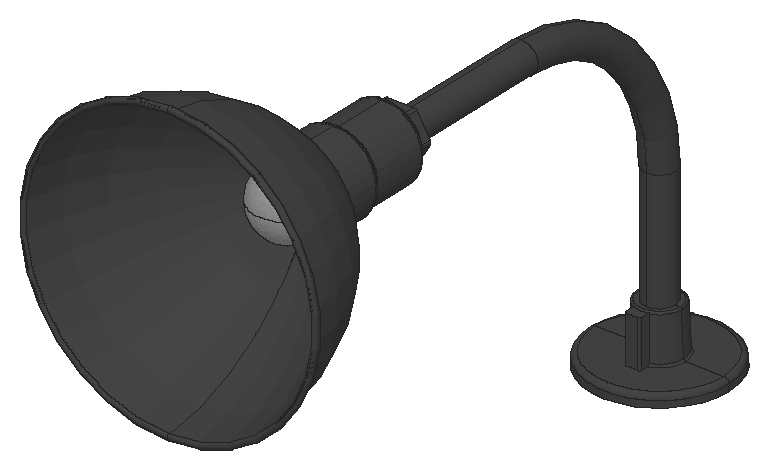
Revit family "BLE-G-DBW-G13-E26", category Lighting Fixtures, host Face, Revit 2022
Family settings
  Host = Face
  Round Connector Dimension = Use Diameter
  Part Type = Normal
  Cut with Voids When Loaded = No
  Light Source = Yes
  Maintain Annotation Orientation = No
  Shared = No
  Room Calculation Point = No
Parameters (values of type "10"")
  Wattage = 5.72229 W
  built-in parameter 1150110 = 1 (stored number, unit not read)
  built-in parameter 1114217 = 1 (stored number, unit not read)
  Tilt Angle = 0.00°
  built-in parameter 1150109 = 1 (stored number, unit not read)
  built-in parameter 1150134 = (empty or 0)
  built-in parameter 1150113 = 1 (stored number, unit not read)
  Gooseneck Material = 100 - Black
  Shade Material = 100 - Black
  Photometric Web File = "generic"
  built-in parameter 1150142 = (empty or 0)
  built-in parameter 1150105 = 67.641 (stored number, unit not read)
  Lumens = 850 lm
  built-in parameter 1150115 = 1 (stored number, unit not read)
  built-in parameter 1150137 = (empty or 0)
  built-in parameter 1150139 = (empty or 0)
  built-in parameter 1150112 = 1 (stored number, unit not read)
  built-in parameter 1150114 = 1 (stored number, unit not read)
  built-in parameter 1150132 = 2
  built-in parameter 1150102 = (empty or 0)
  built-in parameter 1150107 = 3000 (stored number, unit not read)
  built-in parameter 1150138 = (empty or 0)
  built-in parameter 1150106 = 0.67641 (stored number, unit not read)
  built-in parameter 1150104 = 13.8 (stored number, unit not read)
  20" = no
  Dimming Lamp Color Temperature Shift = <None>
  Default Elevation = 4' - 0"
  Color Filter = 16777215
  Base Material = 100 - Black
  built-in parameter 1114218 = 1 (stored number, unit not read)
  built-in parameter 1150133 = 10 (stored number, unit not read)
  16" = no
  14" = no
  12" = no
  10" = yes
Types (6): name | 20" | 16" | 14" | 12" | 10"
  (no name) | no | no | no | no | yes
  12" | no | no | no | yes | no
  14" | no | no | yes | no | no
  16" | no | yes | no | no | no
  10" | no | no | no | no | yes
  20" | yes | no | no | no | no
Reference planes (in)
  plane 1 "Center (Front/Back)": y = 0
  plane 2: z = 0
  plane 3 "Center (Left/Right)": x = 0
Lines and regions (in)
  reference lines
    curve 1: line (0, 32, 0) -> (0, -36, 0)
    curve 2: line (-33.11947, 0, 0) -> (37.88053, 0, 0)
Dimensions and locks (in)
  locked: plane 1 "Center (Front/Back)" to imposter light at 15.5
  aligned and locked: plane 2 to host face
  aligned and locked: level to host face
  aligned and locked: plane 3 "Center (Left/Right)" to nested 1
  aligned and locked: plane 1 "Center (Front/Back)" to nested 1
  aligned and locked: nested 4 to imposter light
  aligned and locked: imposter light to nested 6  (x2)
  aligned and locked: nested 7 to nested 3
  aligned and locked: imposter light to plane 3 "Center (Left/Right)"
  aligned and locked: plane 1 "Center (Front/Back)" to nested 2
  aligned and locked: imposter light to nested 7
  aligned and locked: imposter light to nested 3  (x2)
  aligned and locked: nested 3 to nested 5
Nested families (in)
  nested 1: "WBP-7501" at (0, 0, 0), type "WBP-7501"
  nested 2: "G13" at (0, 0, 1.975), type "GNK-5011"
  nested 3: "DBW Shade" at (0, -11.47195, 11.72506) x (0, 0, -1) z (0, -1, 0), type "DBW Shade"
    with 24" no, 20" no, 16" no, 14" no, 12" no
  nested 4: "103264" at (0, -3.60156, 11.72506) x (0, 0, -1) z (0, -1, 0), type "103264"
    with Heat Sink 9" no
  nested 5: "CPL-0004" at (0, -10.82177, 11.72506) x (1, 0, 0) z (0, -1, 0), type "CPL-0004"
  nested 6: "E26 Socket Assy" at (0, -11.51101, 11.72506) x (0, 0, -1) z (0, -1, 0), type "E26 Socket Assy"
  nested 7: "E26 Bulb" at (0, -13.766, 11.72506) x (1, 0, 0) z (0, -1, 0), type "E26 Bulb"
Connectors (in)
  electrical at (0, 0, 0)
    settings: index 1, voltage 0 V, apparent load 0 VA, apparent load phase1 0 VA, apparent load phase2 0 VA, apparent load phase3 0 VA, power factor 1, load classification "Other", number of poles 1, system type 31, power factor state 1, is connector primary yes, connector utility no, sub classification motor no, connector description ""
Definition of nested family "WBP-7501"
  Parameters (values of type "WBP-7501")
    Default Elevation = 3' - 0"
    Base Material = none
  Reference planes (in)
    plane 1 "Center (Front/Back)": y = 0
    plane 2: z = 0
    plane 3 "Center (Left/Right)": x = 0
    plane 4 "Base Dia": x = -2.325
    plane 5 "Base Height": z = 0.4
    plane 6 "Fillet Radius": z = 0.225
    plane 7: z = 0.458
    plane 8: x = -0.87
    plane 9: x = -0.81
    plane 10: x = -0.76
    plane 11: z = 1.917
    plane 12: z = 1.975
    plane 13: x = -0.7
    plane 14: x = -0.2595
    plane 15: x = 0.2595
    plane 16: y = -1.135
  Forms (in)
    Extrusion 1, solid
      sketch origin (0, 0, 0) x (1, 0, 0) y (0, 1, 0)
        loop
          line (-48, 48) -> (-48, -48) -> (48, -48) -> (48, 48) -> (-48, 48)
      from 0 to -12
    Revolve 2, solid, material <- "Base Material"
      sketch origin (0, 0, 0) x (1, 0, 0) y (0, 0, 1)
        loop
          line (0, 0) -> (0, 1.975) -> (-0.7, 1.975)
          arc (-0.7, 1.975) -> (-0.74172, 1.95814) -> (-0.76, 1.91702) r 0.06003
          line (-0.76, 1.91702) -> (-0.81, 0.458)
          arc (-0.81, 0.458) -> (-0.82699, 0.41699) -> (-0.868, 0.4) r 0.058
          line (-0.868, 0.4) -> (-2.15, 0.4)
          arc (-2.15, 0.4) -> (-2.27374, 0.34874) -> (-2.325, 0.225) r 0.175
          line (-2.325, 0.225) -> (-2.325, 0) -> (0, 0)
        axis (0, 0) -> (0, 1.975)
      angle from 0 to 360
    Extrusion 3, solid, material <- "Base Material"
      sketch origin (0, 0, 0) x (1, 0, 0) y (0, 1, 0)
        loop
          line (-0.2595, -0.76731) -> (-0.2595, -1.075)
          arc (-0.2595, -1.075) -> (-0.24193, -1.11743) -> (-0.1995, -1.135) r 0.06
          line (-0.1995, -1.135) -> (0.1995, -1.135)
          arc (0.1995, -1.135) -> (0.24193, -1.11743) -> (0.2595, -1.075) r 0.06
          line (0.2595, -1.075) -> (0.2595, -0.76731)
          arc (0.2595, -0.76731) -> (0, -0.81) -> (-0.2595, -0.76731) r 0.81
      from 0 to 1.975
  Cuts and joins
    joined: Revolve 2, Extrusion 3
  Dimensions and locks (in)
    plane 4 "Base Dia" to plane 3 "Center (Left/Right)" = 0' - 2.325"
    locked: plane 5 "Base Height" to Extrusion 1 at 0.4
    locked: plane 3 "Center (Left/Right)" to plane 4 "Base Dia" at 2.325
    locked: plane 5 "Base Height" to plane 6 "Fillet Radius" at 0.175
    locked: plane 3 "Center (Left/Right)" to plane 9 at 0.81
    locked: plane 3 "Center (Left/Right)" to plane 8 at 0.87
    locked: plane 3 "Center (Left/Right)" to plane 10 at 0.76
    locked: plane 3 "Center (Left/Right)" to plane 13 at 0.7
    locked: plane 11 to plane 5 "Base Height" at 1.517
    locked: plane 12 to plane 5 "Base Height" at 1.575
    locked: plane 7 to plane 5 "Base Height" at 0.058
    locked: plane 14 to plane 3 "Center (Left/Right)" at 0.2595
    locked: plane 3 "Center (Left/Right)" to plane 15 at 0.2595
    locked: plane 16 to plane 1 "Center (Front/Back)" at 1.135
    radius of Revolve 2 sketch curve = 0' - 0.175"
    aligned and locked: plane 2 to Extrusion 1
    aligned and locked: level to Extrusion 1
    aligned and locked: Revolve 2 sketch curve to plane 5 "Base Height"
    aligned and locked: plane 9 to Revolve 2 sketch curve
    aligned and locked: plane 3 "Center (Left/Right)" to Revolve 2 sketch curve
    aligned and locked: plane 15 to Extrusion 3 sketch curve
    aligned and locked: Extrusion 3 sketch curve to plane 16
    aligned and locked: Extrusion 3 sketch curve to plane 14
  Automatic sketch dimensions
    Extrusion 1 sketch curve to Extrusion 1 sketch curve = 8' - 0"  (x2)
    Revolve 2 sketch curve to level = 0' - 0"
    Revolve 2 sketch curve to plane 4 "Base Dia" = 0' - 0"
    Revolve 2 sketch curve to plane 7 = 0' - 0"  (x2)
    plane 10 to Revolve 2 sketch curve = 0' - 0"
    Revolve 2 sketch curve to plane 12 = 0' - 0"
    Revolve 2 sketch curve to plane 13 = 0' - 0"
    Revolve 2 sketch curve to plane 3 "Center (Left/Right)" = 0' - 0"
    Revolve 2 sketch curve to Revolve 2 sketch curve = 0' - 0.22742"
    Revolve 2 sketch curve to Revolve 2 sketch curve = 0' - 1.76377"
    plane 1 "Center (Front/Back)" to Extrusion 3 sketch curve = 0' - 0"
    Extrusion 3 sketch curve to plane 3 "Center (Left/Right)" = 0' - 0"
    plane 14 to Extrusion 3 sketch curve = 0' - 0.06"
    Extrusion 3 sketch curve to plane 15 = 0' - 0.06"
    Extrusion 3 sketch curve to Extrusion 3 sketch curve = 0' - 0.30769"
Definition of nested family "G13"
  Parameters (values of type "G13")
    Gooseneck Material = none
    Default Elevation = 2' - 0"
  Reference planes (in)
    plane 1 "Center (Front/Back)": y = 0
    plane 2: z = 0
    plane 3 "Center (Left/Right)": x = 0
    plane 4 "Wood Height": z = 0
    plane 5: z = 9.75006
  Forms (in)
    Extrusion 1, solid
      sketch origin (0, 0, 0) x (1, 0, 0) y (0, 1, 0)
        loop
          line (-48, 48) -> (-48, -48) -> (48, -48) -> (48, 48) -> (-48, 48)
      from 0 to -12
    Sweep 2, solid, material <- "Gooseneck Material"
      path origin (0, 0, 0) x (0, 1, 0) y (0, 0, 1)
        loop
          line (0, -0.0015) -> (0, 4.00283)
          arc (0, 4.00283) -> (-1.68332, 8.06673) -> (-5.74723, 9.75006) r 5.74723
          line (-5.74723, 9.75006) -> (-10.82177, 9.75006)
      profile origin (0, 0, 2.00066) x (0, -1, 0) y (1, 0, 0)
        loop
          circle (0, 0) r 0.52676
  Dimensions and locks (in)
    aligned and locked: plane 2 to Extrusion 1
    aligned and locked: level to Extrusion 1
    aligned and locked: Extrusion 1 to plane 4 "Wood Height"
  Automatic sketch dimensions
    Extrusion 1 sketch curve to Extrusion 1 sketch curve = 8' - 0"  (x2)
    Sweep 2 sketch curve to plane 1 "Center (Front/Back)" = 0' - 0"
    plane 1 "Center (Front/Back)" to Sweep 2 sketch curve = 0' - 5.74723"
    level to Sweep 2 sketch curve = 0' - 4.00283"
    Sweep 2 sketch curve to Sweep 2 sketch curve = 0' - 5.07454"
    Sweep 2 sketch curve to level = 0' - 0.0015"
    Sweep 2 sketch curve to plane 3 "Center (Left/Right)" = 0' - 0"
    Sweep 2 sketch curve to profile plane = 0' - 0"
    radius of Sweep 2 sketch curve = 0' - 0.52676"
Definition of nested family "DBW Shade"
  Parameters (values of type "DBW Shade")
    Shade Material = none
    Default Elevation = 2' - 0"
    24" = yes
    20" = yes
    10" = yes
    16" = yes
    14" = yes
    12" = yes
  Reference planes (in)
    plane 1 "Center (Front/Back)": y = 0
    plane 2: z = 0
    plane 3 "Center (Left/Right)": x = 0
  Forms (in)
    Extrusion 1, solid
      sketch origin (0, 0, 0) x (1, 0, 0) y (0, 1, 0)
        loop
          line (-48, 48) -> (-48, -48) -> (48, -48) -> (48, 48) -> (-48, 48)
      from 0 to -12
  Dimensions and locks (in)
    aligned and locked: plane 2 to Extrusion 1
    aligned and locked: level to Extrusion 1
    aligned and locked: plane 1 "Center (Front/Back)" to nested 1
    aligned and locked: plane 3 "Center (Left/Right)" to nested 1
    aligned and locked: plane 3 "Center (Left/Right)" to nested 2
    aligned and locked: plane 1 "Center (Front/Back)" to nested 2
    aligned and locked: plane 1 "Center (Front/Back)" to nested 3
    aligned and locked: plane 3 "Center (Left/Right)" to nested 3
    aligned and locked: plane 1 "Center (Front/Back)" to nested 4
    aligned and locked: plane 1 "Center (Front/Back)" to nested 5
    aligned and locked: plane 3 "Center (Left/Right)" to nested 5
    aligned and locked: plane 3 "Center (Left/Right)" to nested 6
    aligned and locked: plane 1 "Center (Front/Back)" to nested 6
    aligned and locked: plane 3 "Center (Left/Right)" to nested 4
  Nested families (in)
    nested 1: "SHD-0028" at (0, 0, 0), visible <- "10"", type "SHD-0028"
    nested 2: "SHD-0029" at (0, 0, 0), visible <- "12"", type "SHD-0029"
    nested 3: "SHD-0114" at (0, 0, 0), visible <- "14"", type "SHD-0114"
    nested 4: "SHD-0115" at (0, 0, 0), visible <- "16"", type "SHD-0115"
    nested 5: "SHD-0308" at (0, 0, 0), visible <- "24"", type "SHD-0308"
    nested 6: "SHD-0223" at (0, 0, 0), visible <- "20"", type "SHD-0223"
  Definition of nested family "SHD-0028"
    Parameters (values of type "SHD-0028")
      Shade Material = none
      Default Elevation = 2' - 0"
    Reference planes (in)
      plane 1 "Center (Front/Back)": y = 0
      plane 2: z = 0
      plane 3 "Center (Left/Right)": x = 0
      plane 4 "Wood Height": z = 0
      plane 5 "Nut Radius": x = -1.03713
      plane 6 "Nut Flat": x = -0.861
      plane 7 "Shade Thickness": z = 0.04
      plane 8 "Lower Shade bottom": z = 9.109
      plane 9 "Lower Shade Outer Dia": x = -5
      plane 10 "Shade Top Dia": x = -1.20713
      plane 11 "Shade Middle Radius Height1": z = 1.965
      plane 12 "Shade Lower Diameter1": x = -1.44113
      plane 13 "Shade Top Radius": x = -1.29713
      plane 14 "Shade Middle Radious Height2": z = 2.105
      plane 15 "Shade Middle Radius Diameter2": x = -1.41363
      plane 16 "Lip Height": z = 9.029
      plane 17 "Bowl Start": z = 3.545
      plane 18: x = -4.85
      plane 19: z = 9.069
    Forms (in)
      Extrusion 1, solid
        sketch origin (0, 0, 0) x (1, 0, 0) y (0, 1, 0)
          loop
            line (-48, 48) -> (-48, -48) -> (48, -48) -> (48, 48) -> (-48, 48)
        from 0 to -12
      Revolve 2, solid, material <- "Shade Material"
        sketch origin (0, 0, 0) x (1, 0, 0) y (0, 0, 1)
          loop
            line (0, 0) -> (0, 0.03906) -> (-1.20713, 0.03906)
            arc (-1.20713, 0.03906) -> (-1.24314, 0.05398) -> (-1.25806, 0.09) r 0.05094
            line (-1.25806, 0.09) -> (-1.25806, 1.94384)
            arc (-1.25806, 1.94384) -> (-1.26409, 1.97759) -> (-1.28141, 2.00717) r 0.09757
            line (-1.28141, 2.00717) -> (-1.37456, 2.11635) -> (-1.37456, 3.48096)
            arc (-1.37456, 3.48096) -> (-1.39014, 3.54099) -> (-1.43295, 3.58588) r 0.12347
            arc (-1.43295, 3.58588) -> (-3.7536, 5.90437) -> (-4.80544, 9.01154) r 7.20294
            arc (-4.80544, 9.01154) -> (-4.99326, 9.04214) -> (-4.84504, 8.9228) r 0.09841
            line (-4.84504, 8.9228) -> (-4.86619, 8.95581)
            arc (-4.86619, 8.95581) -> (-4.95809, 9.02506) -> (-4.84432, 9.00777) r 0.05934
            arc (-4.84432, 9.00777) -> (-3.78678, 5.88375) -> (-1.45354, 3.55268) r 7.242
            arc (-1.45354, 3.55268) -> (-1.42428, 3.522) -> (-1.41363, 3.48096) r 0.0844
            line (-1.41363, 3.48096) -> (-1.41363, 2.13147)
            arc (-1.41363, 2.13147) -> (-1.40868, 2.10377) -> (-1.39446, 2.07949) r 0.08009
            line (-1.39446, 2.07949) -> (-1.31112, 1.98181)
            arc (-1.31112, 1.98181) -> (-1.30074, 1.96408) -> (-1.29713, 1.94384) r 0.0585
            line (-1.29713, 1.94384) -> (-1.29713, 0.09)
            arc (-1.29713, 0.09) -> (-1.27077, 0.02636) -> (-1.20713, 0) r 0.09
            line (-1.20713, 0) -> (0, 0)
          axis (0, 9.01154) -> (0, 0)
        angle from 0 to 360
    Dimensions and locks (in)
      locked: plane 6 "Nut Flat" to plane 3 "Center (Left/Right)" at 0.861
      locked: plane 7 "Shade Thickness" to plane 4 "Wood Height" at 0.04
      locked: plane 3 "Center (Left/Right)" to plane 9 "Lower Shade Outer Dia" at 5
      locked: plane 11 "Shade Middle Radius Height1" to plane 4 "Wood Height" at 1.965
      locked: plane 14 "Shade Middle Radious Height2" to plane 4 "Wood Height" at 2.105
      locked: plane 8 "Lower Shade bottom" to plane 16 "Lip Height" at 0.08
      locked: plane 17 "Bowl Start" to plane 4 "Wood Height" at 3.545
      locked: plane 18 to plane 9 "Lower Shade Outer Dia" at 0.15
      locked: plane 8 "Lower Shade bottom" to plane 19 at 0.04
      locked: plane 8 "Lower Shade bottom" to plane 4 "Wood Height" at 9.109
      aligned and locked: plane 2 to Extrusion 1
      aligned and locked: level to Extrusion 1
      aligned and locked: plane 4 "Wood Height" to Revolve 2 sketch curve
      aligned and locked: plane 10 "Shade Top Dia" to Revolve 2 sketch curve
      aligned and locked: Revolve 2 sketch curve to plane 15 "Shade Middle Radius Diameter2"
      aligned and locked: Revolve 2 sketch curve to plane 13 "Shade Top Radius"
      aligned and locked: Extrusion 1 to plane 4 "Wood Height"
    Automatic sketch dimensions
      Extrusion 1 sketch curve to Extrusion 1 sketch curve = 8' - 0"  (x2)
      Revolve 2 sketch curve to Revolve 2 sketch curve = 0' - 0"  (x12)
      Revolve 2 sketch curve to plane 3 "Center (Left/Right)" = 0' - 0"  (x2)
      plane 18 to Revolve 2 sketch curve = 0' - 0.00496"
      Revolve 2 sketch curve to plane 18 = 0' - 0.01619"
      plane 15 "Shade Middle Radius Diameter2" to Revolve 2 sketch curve = 0' - 0.01916"
      plane 14 "Shade Middle Radious Height2" to Revolve 2 sketch curve = 0' - 0.01135"
      plane 15 "Shade Middle Radius Diameter2" to Revolve 2 sketch curve = 0' - 0 5/128"
      Revolve 2 sketch curve to plane 11 "Shade Middle Radius Height1" = 0' - 0.02116"
      plane 15 "Shade Middle Radius Diameter2" to Revolve 2 sketch curve = 0' - 0.058"
      plane 14 "Shade Middle Radious Height2" to Revolve 2 sketch curve = 0' - 0.02647"
      Revolve 2 sketch curve to plane 13 "Shade Top Radius" = 0' - 0.01572"
      Revolve 2 sketch curve to Revolve 2 sketch curve = 0' - 0 5/128"
      Revolve 2 sketch curve to plane 17 "Bowl Start" = 0' - 0.06404"
      plane 18 to Revolve 2 sketch curve = 0' - 0.00568"
      plane 17 "Bowl Start" to Revolve 2 sketch curve = 0' - 0.15101"
      Revolve 2 sketch curve to Revolve 2 sketch curve = 0' - 2.15863"
      Revolve 2 sketch curve to plane 12 "Shade Lower Diameter1" = 0' - 0.00818"
      Revolve 2 sketch curve to Revolve 2 sketch curve = 0' - 0.03888"  (x2)
      Revolve 2 sketch curve to Revolve 2 sketch curve = 0' - 0.03301"
      Revolve 2 sketch curve to Revolve 2 sketch curve = 0' - 0.02059"
      Revolve 2 sketch curve to Revolve 2 sketch curve = 0' - 0.03319"
  Definition of nested family "SHD-0029"
    Parameters (values of type "SHD-0029")
      Shade Material = none
      Default Elevation = 2' - 0"
    Reference planes (in)
      plane 1 "Center (Front/Back)": y = 0
      plane 2: z = 0
      plane 3 "Center (Left/Right)": x = 0
      plane 4 "Wood Height": z = 0
      plane 5 "Nut Radius": x = -1.03713
      plane 6 "Nut Flat": x = -0.861
      plane 7 "Shade Thickness": z = 0.04
      plane 8 "Shade Top Dia": x = -1.20713
      plane 9 "Shade Middle Radius Height1": z = 1.965
      plane 10 "Shade Lower Diameter1": x = -1.44113
      plane 11 "Shade Top Radius": x = -1.29713
      plane 12 "Shade Middle Radious Height2": z = 2.105
      plane 13 "Shade Middle Radius Diameter2": x = -1.41363
      plane 14 "Bowl Start": z = 3.545
    Forms (in)
      Extrusion 1, solid
        sketch origin (0, 0, 0) x (1, 0, 0) y (0, 1, 0)
          loop
            line (-48, 48) -> (-48, -48) -> (48, -48) -> (48, 48) -> (-48, 48)
        from 0 to -12
      Revolve 2, solid, material <- "Shade Material"
        sketch origin (0, 0, 0) x (1, 0, 0) y (0, 0, 1)
          loop
            line (0, 0) -> (0, 0.03906) -> (-1.20713, 0.03906)
            arc (-1.20713, 0.03906) -> (-1.24314, 0.05398) -> (-1.25806, 0.09) r 0.05094
            line (-1.25806, 0.09) -> (-1.25806, 1.94384)
            arc (-1.25806, 1.94384) -> (-1.26409, 1.97759) -> (-1.28141, 2.00717) r 0.09757
            line (-1.28141, 2.00717) -> (-1.37456, 2.11635) -> (-1.37456, 3.49488)
            arc (-1.37456, 3.49488) -> (-1.3856, 3.54027) -> (-1.41623, 3.57553) r 0.09889
            arc (-1.41623, 3.57553) -> (-4.2546, 6.22323) -> (-5.80711, 9.7808) r 9.56481
            arc (-5.80711, 9.7808) -> (-5.99536, 9.79563) -> (-5.84506, 9.68132) r 0.09841
            line (-5.84506, 9.68132) -> (-5.86621, 9.71432)
            arc (-5.86621, 9.71432) -> (-5.9593, 9.78052) -> (-5.84534, 9.77276) r 0.05934
            arc (-5.84534, 9.77276) -> (-4.28694, 6.2013) -> (-1.43786, 3.54296) r 9.60387
            arc (-1.43786, 3.54296) -> (-1.42003, 3.5218) -> (-1.41363, 3.49488) r 0.05982
            line (-1.41363, 3.49488) -> (-1.41363, 2.13147)
            arc (-1.41363, 2.13147) -> (-1.40868, 2.10377) -> (-1.39446, 2.07949) r 0.08009
            line (-1.39446, 2.07949) -> (-1.31112, 1.98181)
            arc (-1.31112, 1.98181) -> (-1.30074, 1.96408) -> (-1.29713, 1.94384) r 0.0585
            line (-1.29713, 1.94384) -> (-1.29713, 0.09)
            arc (-1.29713, 0.09) -> (-1.27077, 0.02636) -> (-1.20713, 0) r 0.09
            line (-1.20713, 0) -> (0, 0)
          axis (0, 9.7808) -> (0, 0)
        angle from 0 to 360
    Dimensions and locks (in)
      locked: plane 6 "Nut Flat" to plane 3 "Center (Left/Right)" at 0.861
      locked: plane 7 "Shade Thickness" to plane 4 "Wood Height" at 0.04
      locked: plane 9 "Shade Middle Radius Height1" to plane 4 "Wood Height" at 1.965
      locked: plane 12 "Shade Middle Radious Height2" to plane 4 "Wood Height" at 2.105
      locked: plane 14 "Bowl Start" to plane 4 "Wood Height" at 3.545
      aligned and locked: plane 2 to Extrusion 1
      aligned and locked: level to Extrusion 1
      aligned and locked: plane 4 "Wood Height" to Revolve 2 sketch curve
      aligned and locked: plane 8 "Shade Top Dia" to Revolve 2 sketch curve
      aligned and locked: Revolve 2 sketch curve to plane 13 "Shade Middle Radius Diameter2"
      aligned and locked: Revolve 2 sketch curve to plane 11 "Shade Top Radius"
      aligned and locked: Extrusion 1 to plane 4 "Wood Height"
    Automatic sketch dimensions
      Extrusion 1 sketch curve to Extrusion 1 sketch curve = 8' - 0"  (x2)
      Revolve 2 sketch curve to Revolve 2 sketch curve = 0' - 0"  (x15)
      Revolve 2 sketch curve to plane 3 "Center (Left/Right)" = 0' - 0"  (x2)
      plane 10 "Shade Lower Diameter1" to Revolve 2 sketch curve = 0' - 0.03232"
      Revolve 2 sketch curve to Revolve 2 sketch curve = 0' - 0.02115"
      Revolve 2 sketch curve to Revolve 2 sketch curve = 0' - 0.0372"
      plane 13 "Shade Middle Radius Diameter2" to Revolve 2 sketch curve = 0' - 0.01916"
      plane 12 "Shade Middle Radious Height2" to Revolve 2 sketch curve = 0' - 0.01135"
      plane 13 "Shade Middle Radius Diameter2" to Revolve 2 sketch curve = 0' - 0 5/128"
      Revolve 2 sketch curve to plane 9 "Shade Middle Radius Height1" = 0' - 0.02116"
      plane 13 "Shade Middle Radius Diameter2" to Revolve 2 sketch curve = 0' - 0.058"
      plane 12 "Shade Middle Radious Height2" to Revolve 2 sketch curve = 0' - 0.02647"
      Revolve 2 sketch curve to plane 11 "Shade Top Radius" = 0' - 0.01572"
      Revolve 2 sketch curve to Revolve 2 sketch curve = 0' - 0 5/128"
      Revolve 2 sketch curve to plane 14 "Bowl Start" = 0' - 0.05012"
      Revolve 2 sketch curve to Revolve 2 sketch curve = 0' - 0.03301"
      Revolve 2 sketch curve to Revolve 2 sketch curve = 0' - 0.04623"
      Revolve 2 sketch curve to plane 13 "Shade Middle Radius Diameter2" = 0' - 0.00261"
      Revolve 2 sketch curve to plane 14 "Bowl Start" = 0' - 0.00204"
      plane 14 "Bowl Start" to Revolve 2 sketch curve = 0' - 0.15101"
      Revolve 2 sketch curve to Revolve 2 sketch curve = 0' - 2.15863"
      plane 10 "Shade Lower Diameter1" to Revolve 2 sketch curve = 0' - 4.40394"
      plane 3 "Center (Left/Right)" to Revolve 2 sketch curve = 0' - 3.5532"
      plane 14 "Bowl Start" to Revolve 2 sketch curve = 0' - 6.13632"
  Definition of nested family "SHD-0114"
    Parameters (values of type "SHD-0114")
      Shade Material = none
      Default Elevation = 2' - 0"
    Reference planes (in)
      plane 1 "Center (Front/Back)": y = 0
      plane 2: z = 0
      plane 3 "Center (Left/Right)": x = 0
      plane 4 "Wood Height": z = 0
    Forms (in)
      Extrusion 1, solid
        sketch origin (0, 0, 0) x (1, 0, 0) y (0, 1, 0)
          loop
            line (-48, 48) -> (-48, -48) -> (48, -48) -> (48, 48) -> (-48, 48)
        from 0 to -12
      Revolve 2, solid, material <- "Shade Material"
        sketch origin (0, 0, 0) x (1, 0, 0) y (0, 0, 1)
          loop
            line (0, 0) -> (0, 0.03906) -> (-1.45545, 0.03906)
            arc (-1.45545, 0.03906) -> (-1.49164, 0.05405) -> (-1.50663, 0.09025) r 0.05119
            line (-1.50663, 0.09025) -> (-1.50663, 2.07228)
            arc (-1.50663, 2.07228) -> (-1.51325, 2.1034) -> (-1.53194, 2.12913) r 0.0765
            line (-1.53194, 2.12913) -> (-1.59895, 2.18946)
            arc (-1.59895, 2.18946) -> (-1.61737, 2.21483) -> (-1.62389, 2.24549) r 0.07539
            line (-1.62389, 2.24549) -> (-1.62389, 3.76049)
            arc (-1.62389, 3.76049) -> (-1.63985, 3.81863) -> (-1.68326, 3.86047) r 0.11386
            arc (-1.68326, 3.86047) -> (-5.12462, 6.95788) -> (-6.79993, 11.27416) r 9.99002
            arc (-6.79993, 11.27416) -> (-6.99505, 11.29998) -> (-6.84047, 11.17815) r 0.10205
            line (-6.84047, 11.17815) -> (-6.86365, 11.20959)
            arc (-6.86365, 11.20959) -> (-6.95906, 11.28479) -> (-6.83863, 11.26885) r 0.06299
            arc (-6.83863, 11.26885) -> (-5.15677, 6.93569) -> (-1.70196, 3.82617) r 10.02909
            arc (-1.70196, 3.82617) -> (-1.67344, 3.79868) -> (-1.66295, 3.76049) r 0.07479
            line (-1.66295, 3.76049) -> (-1.66295, 2.24549)
            arc (-1.66295, 2.24549) -> (-1.65306, 2.19894) -> (-1.62508, 2.16043) r 0.11445
            line (-1.62508, 2.16043) -> (-1.55808, 2.1001)
            arc (-1.55808, 2.1001) -> (-1.54893, 2.08751) -> (-1.54569, 2.07228) r 0.03743
            line (-1.54569, 2.07228) -> (-1.54569, 0.09025)
            arc (-1.54569, 0.09025) -> (-1.51926, 0.02643) -> (-1.45545, 0) r 0.09025
            line (-1.45545, 0) -> (0, 0)
          axis (0, 11.27416) -> (0, 0)
        angle from 0 to 360
    Dimensions and locks (in)
      aligned and locked: plane 2 to Extrusion 1
      aligned and locked: level to Extrusion 1
      aligned and locked: Extrusion 1 to plane 4 "Wood Height"
    Automatic sketch dimensions
      Extrusion 1 sketch curve to Extrusion 1 sketch curve = 8' - 0"  (x2)
      Revolve 2 sketch curve to Revolve 2 sketch curve = 0' - 0"  (x25)
      Revolve 2 sketch curve to level = 0' - 0"
      Revolve 2 sketch curve to plane 3 "Center (Left/Right)" = 0' - 0"  (x2)
      Revolve 2 sketch curve to Revolve 2 sketch curve = 0' - 0.01239"
      Revolve 2 sketch curve to Revolve 2 sketch curve = 0' - 0.07479"
      Revolve 2 sketch curve to Revolve 2 sketch curve = 0' - 0.02318"
      Revolve 2 sketch curve to Revolve 2 sketch curve = 0' - 0.03738"
      Revolve 2 sketch curve to Revolve 2 sketch curve = 0' - 0.03144"
      Revolve 2 sketch curve to Revolve 2 sketch curve = 0' - 0.0507"
      Revolve 2 sketch curve to Revolve 2 sketch curve = 0' - 0.01869"  (x2)
      Revolve 2 sketch curve to Revolve 2 sketch curve = 0' - 2.15863"
      plane 3 "Center (Left/Right)" to Revolve 2 sketch curve = 0' - 3.09734"
      Revolve 2 sketch curve to Revolve 2 sketch curve = 0' - 0.02614"
      Revolve 2 sketch curve to Revolve 2 sketch curve = 0' - 0 5/128"  (x2)
      Revolve 2 sketch curve to Revolve 2 sketch curve = 0' - 1.45545"
      Revolve 2 sketch curve to Revolve 2 sketch curve = 0' - 0.05119"
      Revolve 2 sketch curve to Revolve 2 sketch curve = 0' - 0.02531"
      Revolve 2 sketch curve to Revolve 2 sketch curve = 0' - 0.01656"
      Revolve 2 sketch curve to Revolve 2 sketch curve = 0' - 0.02505"
      Revolve 2 sketch curve to Revolve 2 sketch curve = 0' - 0.05045"
      Revolve 2 sketch curve to plane 3 "Center (Left/Right)" = 0' - 6.84047"
      Revolve 2 sketch curve to Revolve 2 sketch curve = 0' - 1.98204"
      Revolve 2 sketch curve to Revolve 2 sketch curve = 0' - 1.515"
      Revolve 2 sketch curve to Revolve 2 sketch curve = 0' - 7.41765"
      Revolve 2 sketch curve to Revolve 2 sketch curve = 0' - 0.06448"
  Definition of nested family "SHD-0115"
    Parameters (values of type "SHD-0115")
      Shade Material = none
      Default Elevation = 2' - 0"
    Reference planes (in)
      plane 1 "Center (Front/Back)": y = 0
      plane 2: z = 0
      plane 3 "Center (Left/Right)": x = 0
      plane 4 "Wood Height": z = 0
    Forms (in)
      Extrusion 1, solid
        sketch origin (0, 0, 0) x (1, 0, 0) y (0, 1, 0)
          loop
            line (-48, 48) -> (-48, -48) -> (48, -48) -> (48, 48) -> (-48, 48)
        from 0 to -12
      Revolve 2, solid, material <- "Shade Material"
        sketch origin (0, 0, 0) x (1, 0, 0) y (0, 0, 1)
          loop
            line (0, 0) -> (0, 0.03906) -> (-1.45545, 0.03906)
            arc (-1.45545, 0.03906) -> (-1.49164, 0.05405) -> (-1.50663, 0.09025) r 0.05119
            line (-1.50663, 0.09025) -> (-1.50663, 2.07228)
            arc (-1.50663, 2.07228) -> (-1.51325, 2.1034) -> (-1.53194, 2.12913) r 0.0765
            line (-1.53194, 2.12913) -> (-1.59895, 2.18946)
            arc (-1.59895, 2.18946) -> (-1.61737, 2.21483) -> (-1.62389, 2.24549) r 0.07539
            line (-1.62389, 2.24549) -> (-1.62389, 3.76049)
            arc (-1.62389, 3.76049) -> (-1.64115, 3.82076) -> (-1.6877, 3.86276) r 0.11386
            arc (-1.6877, 3.86276) -> (-5.9143, 7.51176) -> (-7.79992, 12.76759) r 10.98102
            arc (-7.79992, 12.76759) -> (-7.99459, 12.80067) -> (-7.84102, 12.67655) r 0.10205
            line (-7.84102, 12.67655) -> (-7.8642, 12.70799)
            arc (-7.8642, 12.70799) -> (-7.95899, 12.7846) -> (-7.83883, 12.76418) r 0.06299
            arc (-7.83883, 12.76418) -> (-5.94651, 7.48965) -> (-1.70487, 3.82767) r 11.02008
            arc (-1.70487, 3.82767) -> (-1.67429, 3.80009) -> (-1.66295, 3.76049) r 0.07479
            line (-1.66295, 3.76049) -> (-1.66295, 2.24549)
            arc (-1.66295, 2.24549) -> (-1.65306, 2.19894) -> (-1.62508, 2.16043) r 0.11445
            line (-1.62508, 2.16043) -> (-1.55808, 2.1001)
            arc (-1.55808, 2.1001) -> (-1.54893, 2.08751) -> (-1.54569, 2.07228) r 0.03743
            line (-1.54569, 2.07228) -> (-1.54569, 0.09025)
            arc (-1.54569, 0.09025) -> (-1.51926, 0.02643) -> (-1.45545, 0) r 0.09025
            line (-1.45545, 0) -> (0, 0)
          axis (0, 12.76759) -> (0, 0)
        angle from 0 to 360
    Dimensions and locks (in)
      aligned and locked: plane 2 to Extrusion 1
      aligned and locked: level to Extrusion 1
      aligned and locked: Extrusion 1 to plane 4 "Wood Height"
    Automatic sketch dimensions
      Extrusion 1 sketch curve to Extrusion 1 sketch curve = 8' - 0"  (x2)
      Revolve 2 sketch curve to Revolve 2 sketch curve = 0' - 0"  (x16)
      Revolve 2 sketch curve to level = 0' - 0"
      Revolve 2 sketch curve to plane 3 "Center (Left/Right)" = 0' - 0"  (x2)
      Revolve 2 sketch curve to Revolve 2 sketch curve = 0' - 1.45545"
      Revolve 2 sketch curve to plane 3 "Center (Left/Right)" = 0' - 1.50663"
      Revolve 2 sketch curve to Revolve 2 sketch curve = 0' - 0.02531"
      Revolve 2 sketch curve to Revolve 2 sketch curve = 0' - 0 5/128"
      Revolve 2 sketch curve to Revolve 2 sketch curve = 0' - 0.01656"
      Revolve 2 sketch curve to Revolve 2 sketch curve = 0' - 0.01239"
      Revolve 2 sketch curve to Revolve 2 sketch curve = 0' - 0.02505"
      Revolve 2 sketch curve to Revolve 2 sketch curve = 0' - 0.05045"
      Revolve 2 sketch curve to Revolve 2 sketch curve = 0' - 0.02494"
      Revolve 2 sketch curve to Revolve 2 sketch curve = 0' - 0.02614"
      Revolve 2 sketch curve to Revolve 2 sketch curve = 0' - 0.07479"
      Revolve 2 sketch curve to Revolve 2 sketch curve = 0' - 0.02318"
      Revolve 2 sketch curve to Revolve 2 sketch curve = 0' - 0.03738"
      plane 3 "Center (Left/Right)" to Revolve 2 sketch curve = 0' - 3.13919"
      Revolve 2 sketch curve to Revolve 2 sketch curve = 0' - 1.98204"
      Revolve 2 sketch curve to Revolve 2 sketch curve = 0' - 1.515"
      Revolve 2 sketch curve to Revolve 2 sketch curve = 0' - 0.03144"
      Revolve 2 sketch curve to Revolve 2 sketch curve = 0' - 0.0507"
      Revolve 2 sketch curve to Revolve 2 sketch curve = 0' - 1.04947"
      Revolve 2 sketch curve to Revolve 2 sketch curve = 0' - 0.03891"
      Revolve 2 sketch curve to Revolve 2 sketch curve = 0' - 0.06448"
      Revolve 2 sketch curve to Revolve 2 sketch curve = 0' - 2.15863"
  Definition of nested family "SHD-0308"
    Parameters (values of type "SHD-0308")
      Shade Material = none
      Default Elevation = 2' - 0"
    Reference planes (in)
      plane 1 "Center (Front/Back)": y = 0
      plane 2: z = 0
      plane 3 "Center (Left/Right)": x = 0
      plane 4 "Wood Height": z = 0
    Forms (in)
      Extrusion 1, solid
        sketch origin (0, 0, 0) x (1, 0, 0) y (0, 1, 0)
          loop
            line (-48, 48) -> (-48, -48) -> (48, -48) -> (48, 48) -> (-48, 48)
        from 0 to -12
      Revolve 2, solid, material <- "Shade Material"
        sketch origin (0, 0, 0) x (1, 0, 0) y (0, 0, 1)
          loop
            line (0, 0) -> (0, 0.03906) -> (-2.22237, 0.03906)
            arc (-2.22237, 0.03906) -> (-2.2742, 0.06053) -> (-2.29567, 0.11236) r 0.0733
            line (-2.29567, 0.11236) -> (-2.29567, 3.09806)
            arc (-2.29567, 3.09806) -> (-2.30835, 3.16758) -> (-2.34475, 3.22814) r 0.19691
            line (-2.34475, 3.22814) -> (-2.42725, 3.32189)
            arc (-2.42725, 3.32189) -> (-2.46224, 3.38009) -> (-2.47442, 3.4469) r 0.18923
            line (-2.47442, 3.4469) -> (-2.47442, 5.72055)
            arc (-2.47442, 5.72055) -> (-2.4994, 5.80773) -> (-2.56677, 5.86845) r 0.16462
            arc (-2.56677, 5.86845) -> (-9.0535, 11.47959) -> (-11.91654, 19.56448) r 16.76616
            arc (-11.91654, 19.56448) -> (-11.93143, 19.59499) -> (-11.96306, 19.60734) r 0.04667
            line (-11.96306, 19.60734) -> (-12.00319, 19.60734)
            arc (-12.00319, 19.60734) -> (-12.07667, 19.53386) -> (-12.00319, 19.46037) r 0.07348
            line (-12.00319, 19.46037) -> (-11.96309, 19.46037) -> (-11.96309, 19.49944) -> (-12.00319, 19.49944)
            arc (-12.00319, 19.49944) -> (-12.03761, 19.53386) -> (-12.00319, 19.56828) r 0.03442
            line (-12.00319, 19.56828) -> (-11.95604, 19.56828)
            arc (-11.95604, 19.56828) -> (-9.08774, 11.46046) -> (-2.58392, 5.83336) r 16.80523
            arc (-2.58392, 5.83336) -> (-2.53254, 5.78704) -> (-2.51348, 5.72055) r 0.12556
            line (-2.51348, 5.72055) -> (-2.51348, 3.4469)
            arc (-2.51348, 3.4469) -> (-2.49878, 3.3663) -> (-2.45658, 3.29609) r 0.22829
            line (-2.45658, 3.29609) -> (-2.37408, 3.20234)
            arc (-2.37408, 3.20234) -> (-2.34489, 3.15379) -> (-2.33473, 3.09806) r 0.15785
            line (-2.33473, 3.09806) -> (-2.33473, 0.11236)
            arc (-2.33473, 0.11236) -> (-2.30182, 0.03291) -> (-2.22237, 0) r 0.11236
            line (-2.22237, 0) -> (0, 0)
          axis (0, 19.60734) -> (0, 0)
        angle from 0 to 360
    Dimensions and locks (in)
      aligned and locked: plane 2 to Extrusion 1
      aligned and locked: level to Extrusion 1
      aligned and locked: Extrusion 1 to plane 4 "Wood Height"
    Automatic sketch dimensions
      Extrusion 1 sketch curve to Extrusion 1 sketch curve = 8' - 0"  (x2)
      Revolve 2 sketch curve to Revolve 2 sketch curve = 0' - 0"  (x24)
      Revolve 2 sketch curve to level = 0' - 0"
      Revolve 2 sketch curve to plane 3 "Center (Left/Right)" = 0' - 0"  (x2)
      Revolve 2 sketch curve to Revolve 2 sketch curve = 0' - 0.01047"
      Revolve 2 sketch curve to Revolve 2 sketch curve = 0' - 0.01002"
      Revolve 2 sketch curve to Revolve 2 sketch curve = 0' - 0.02933"  (x2)
      Revolve 2 sketch curve to Revolve 2 sketch curve = 0' - 0.04717"
      Revolve 2 sketch curve to Revolve 2 sketch curve = 0' - 0.12556"
      Revolve 2 sketch curve to Revolve 2 sketch curve = 0' - 0.00701"
      Revolve 2 sketch curve to Revolve 2 sketch curve = 0' - 0.00004"
      Revolve 2 sketch curve to Revolve 2 sketch curve = 0' - 0.04013"
      plane 3 "Center (Left/Right)" to Revolve 2 sketch curve = 0' - 4.79372"
      Revolve 2 sketch curve to Revolve 2 sketch curve = 0' - 0 5/128"  (x2)
      Revolve 2 sketch curve to Revolve 2 sketch curve = 0' - 2.9857"
      Revolve 2 sketch curve to Revolve 2 sketch curve = 0' - 2.27365"
      Revolve 2 sketch curve to Revolve 2 sketch curve = 0' - 0.03442"
      Revolve 2 sketch curve to Revolve 2 sketch curve = 0' - 0.00761"
      Revolve 2 sketch curve to Revolve 2 sketch curve = 0' - 0.24911"
      Revolve 2 sketch curve to Revolve 2 sketch curve = 0' - 2.15863"
      Revolve 2 sketch curve to Revolve 2 sketch curve = 0' - 2.22237"
      Revolve 2 sketch curve to plane 3 "Center (Left/Right)" = 0' - 2.28519"
      Revolve 2 sketch curve to plane 3 "Center (Left/Right)" = 0' - 11.95604"
      Revolve 2 sketch curve to Revolve 2 sketch curve = 1' - 1.73983"
      Revolve 2 sketch curve to Revolve 2 sketch curve = 1' - 3.07792"
  Definition of nested family "SHD-0223"
    Parameters (values of type "SHD-0223")
      Shade Material = none
      Default Elevation = 2' - 0"
    Reference planes (in)
      plane 1 "Center (Front/Back)": y = 0
      plane 2: z = 0
      plane 3 "Center (Left/Right)": x = 0
      plane 4 "Wood Height": z = 0
    Forms (in)
      Extrusion 1, solid
        sketch origin (0, 0, 0) x (1, 0, 0) y (0, 1, 0)
          loop
            line (-48, 48) -> (-48, -48) -> (48, -48) -> (48, 48) -> (-48, 48)
        from 0 to -12
      Revolve 2, solid, material <- "Shade Material"
        sketch origin (0, 0, 0) x (1, 0, 0) y (0, 0, 1)
          loop
            line (0, 0) -> (0, 0.03906) -> (-1.8485, 0.03906)
            arc (-1.8485, 0.03906) -> (-1.88896, 0.05582) -> (-1.90572, 0.09628) r 0.05722
            line (-1.90572, 0.09628) -> (-1.90572, 2.57881)
            arc (-1.90572, 2.57881) -> (-1.9168, 2.64011) -> (-1.94865, 2.69364) r 0.17504
            line (-1.94865, 2.69364) -> (-2.01787, 2.77327)
            arc (-2.01787, 2.77327) -> (-2.04498, 2.81883) -> (-2.05441, 2.871) r 0.14898
            line (-2.05441, 2.871) -> (-2.05441, 4.7663)
            arc (-2.05441, 4.7663) -> (-2.07634, 4.84285) -> (-2.13548, 4.89618) r 0.14458
            arc (-2.13548, 4.89618) -> (-7.53748, 9.56968) -> (-9.92412, 16.30223) r 13.97395
            arc (-9.92412, 16.30223) -> (-9.93712, 16.32887) -> (-9.96474, 16.33964) r 0.04076
            line (-9.96474, 16.33964) -> (-10.00281, 16.33964)
            arc (-10.00281, 16.33964) -> (-10.06432, 16.27814) -> (-10.00281, 16.21663) r 0.06151
            line (-10.00281, 16.21663) -> (-9.96563, 16.21663) -> (-9.96563, 16.25569) -> (-10.00281, 16.25569)
            arc (-10.00281, 16.25569) -> (-10.02526, 16.27814) -> (-10.00281, 16.30058) r 0.02244
            line (-10.00281, 16.30058) -> (-9.96317, 16.30058)
            arc (-9.96317, 16.30058) -> (-7.57018, 9.5483) -> (-2.15264, 4.86109) r 14.01301
            arc (-2.15264, 4.86109) -> (-2.10948, 4.82217) -> (-2.09348, 4.7663) r 0.10551
            line (-2.09348, 4.7663) -> (-2.09348, 2.871)
            arc (-2.09348, 2.871) -> (-2.08157, 2.80515) -> (-2.04735, 2.74764) r 0.18804
            line (-2.04735, 2.74764) -> (-1.97814, 2.66801)
            arc (-1.97814, 2.66801) -> (-1.95339, 2.62643) -> (-1.94478, 2.57881) r 0.13598
            line (-1.94478, 2.57881) -> (-1.94478, 0.09628)
            arc (-1.94478, 0.09628) -> (-1.91658, 0.0282) -> (-1.8485, 0) r 0.09628
            line (-1.8485, 0) -> (0, 0)
          axis (0, 16.33964) -> (0, 0)
        angle from 0 to 360
    Dimensions and locks (in)
      aligned and locked: plane 2 to Extrusion 1
      aligned and locked: level to Extrusion 1
      aligned and locked: Extrusion 1 to plane 4 "Wood Height"
    Automatic sketch dimensions
      Extrusion 1 sketch curve to Extrusion 1 sketch curve = 8' - 0"  (x2)
      Revolve 2 sketch curve to Revolve 2 sketch curve = 0' - 0"  (x24)
      Revolve 2 sketch curve to level = 0' - 0"
      Revolve 2 sketch curve to plane 3 "Center (Left/Right)" = 0' - 0"  (x2)
      Revolve 2 sketch curve to Revolve 2 sketch curve = 0' - 0.05722"
      Revolve 2 sketch curve to Revolve 2 sketch curve = 0' - 0.00387"
      Revolve 2 sketch curve to Revolve 2 sketch curve = 0' - 0.02948"  (x2)
      Revolve 2 sketch curve to Revolve 2 sketch curve = 0' - 0.06922"
      Revolve 2 sketch curve to Revolve 2 sketch curve = 0' - 0.10551"
      Revolve 2 sketch curve to Revolve 2 sketch curve = 0' - 0.00156"
      Revolve 2 sketch curve to Revolve 2 sketch curve = 0' - 0.0009"
      Revolve 2 sketch curve to Revolve 2 sketch curve = 0' - 0.03807"
      plane 3 "Center (Left/Right)" to Revolve 2 sketch curve = 0' - 4.00263"
      Revolve 2 sketch curve to Revolve 2 sketch curve = 0' - 0 5/128"  (x2)
      Revolve 2 sketch curve to Revolve 2 sketch curve = 0' - 0.02244"
      Revolve 2 sketch curve to Revolve 2 sketch curve = 0' - 0.0017"
      Revolve 2 sketch curve to Revolve 2 sketch curve = 0' - 2.15863"
      Revolve 2 sketch curve to Revolve 2 sketch curve = 0' - 11.59521"
      Revolve 2 sketch curve to Revolve 2 sketch curve = 0' - 1.8485"
      Revolve 2 sketch curve to Revolve 2 sketch curve = 0' - 0.00028"
      Revolve 2 sketch curve to plane 3 "Center (Left/Right)" = 0' - 9.96317"
      Revolve 2 sketch curve to Revolve 2 sketch curve = 0' - 2.48252"
      Revolve 2 sketch curve to Revolve 2 sketch curve = 0' - 1.89529"
      Revolve 2 sketch curve to Revolve 2 sketch curve = 0' - 11.45033"
      Revolve 2 sketch curve to Revolve 2 sketch curve = 0' - 1.11021"
Definition of nested family "CPL-0004"
  Parameters (values of type "CPL-0004")
    Coupler Material = none
    Default Elevation = 2' - 0"
  Reference planes (in)
    plane 1 "Center (Front/Back)": y = 0
    plane 2: z = 0
    plane 3 "Center (Left/Right)": x = 0
    plane 4 "Wood Height": z = 0
    plane 5: y = 0.875
    plane 6: z = 0.4
  Forms (in)
    Extrusion 1, solid
      sketch origin (0, 0, 0) x (1, 0, 0) y (0, 1, 0)
        loop
          line (-48, 48) -> (-48, -48) -> (48, -48) -> (48, 48) -> (-48, 48)
      from 0 to -12
    Extrusion 2, solid, material <- "Coupler Material"
      sketch origin (0, 0, 0) x (1, 0, 0) y (0, 1, 0)
        loop
          line (-0.54127, 0.8125) -> (-0.97428, 0.0625)
          arc (-0.97428, 0.0625) -> (-0.99103, 0) -> (-0.97428, -0.0625) r 0.125
          line (-0.97428, -0.0625) -> (-0.54127, -0.8125)
          arc (-0.54127, -0.8125) -> (-0.49551, -0.85825) -> (-0.43301, -0.875) r 0.125
          line (-0.43301, -0.875) -> (0.43301, -0.875)
          arc (0.43301, -0.875) -> (0.49551, -0.85825) -> (0.54127, -0.8125) r 0.125
          line (0.54127, -0.8125) -> (0.97428, -0.0625)
          arc (0.97428, -0.0625) -> (0.99103, 0) -> (0.97428, 0.0625) r 0.125
          line (0.97428, 0.0625) -> (0.54127, 0.8125)
          arc (0.54127, 0.8125) -> (0.49551, 0.85825) -> (0.43301, 0.875) r 0.125
          line (0.43301, 0.875) -> (-0.43301, 0.875)
          arc (-0.43301, 0.875) -> (-0.49551, 0.85825) -> (-0.54127, 0.8125) r 0.125
      from 0 to 0.4
    Revolve 3, solid, material <- "Coupler Material"
      sketch origin (0, 0, 0) x (1, 0, 0) y (0, 0, 1)
        loop
          line (0, 0.65018) -> (-1.00921, 0.65018) -> (-1.03665, 0.61971) -> (-1.02973, 0.43008)
          arc (-1.02973, 0.43008) -> (-1.02417, 0.41239) -> (-1.01036, 0.4) r 0.03506
          line (-1.01036, 0.4) -> (0, 0.4) -> (0, 0.65018)
        axis (0, 0.65018) -> (0, 0.4)
      angle from 0 to 360
  Dimensions and locks (in)
    locked: plane 5 to plane 1 "Center (Front/Back)" at 0.875
    locked: plane 6 to Extrusion 1 at 0.4
    aligned and locked: plane 2 to Extrusion 1
    aligned and locked: level to Extrusion 1
    aligned and locked: Extrusion 1 to plane 4 "Wood Height"
    aligned and locked: Revolve 3 sketch curve to plane 3 "Center (Left/Right)"
  Automatic sketch dimensions
    Extrusion 1 sketch curve to Extrusion 1 sketch curve = 8' - 0"  (x2)
    Revolve 3 sketch curve to plane 6 = 0' - 0"
    Revolve 3 sketch curve to plane 3 "Center (Left/Right)" = 0' - 0"
    plane 6 to Revolve 3 sketch curve = 0' - 0.03136"
    Revolve 3 sketch curve to plane 3 "Center (Left/Right)" = 0' - 0.99469"
    plane 6 to Revolve 3 sketch curve = 0' - 0.25018"
    Revolve 3 sketch curve to Revolve 3 sketch curve = 0' - 0.01453"
    Revolve 3 sketch curve to Revolve 3 sketch curve = 0' - 0.01568"
    plane 6 to Revolve 3 sketch curve = 0' - 0.03008"
    plane 6 to Revolve 3 sketch curve = 0' - 0.21971"
    Revolve 3 sketch curve to Revolve 3 sketch curve = 0' - 0.02744"
    Revolve 3 sketch curve to level = 0' - 0.16839"
    Revolve 3 sketch curve to Revolve 3 sketch curve = 0' - 0.1618"
    plane 1 "Center (Front/Back)" to Extrusion 2 sketch curve = 0' - 0"  (x2)
    Extrusion 2 sketch curve to plane 5 = 0' - 0"
    Extrusion 2 sketch curve to plane 1 "Center (Front/Back)" = 0' - 0 1/16"  (x2)
    plane 1 "Center (Front/Back)" to Extrusion 2 sketch curve = 0' - 0 1/16"  (x2)
    Extrusion 2 sketch curve to Extrusion 2 sketch curve = 0' - 0.10825"  (x4)
    Extrusion 2 sketch curve to plane 3 "Center (Left/Right)" = 0' - 0.54127"
    Extrusion 2 sketch curve to plane 5 = 0' - 0 1/16"  (x2)
    plane 3 "Center (Left/Right)" to Extrusion 2 sketch curve = 0' - 0.43301"  (x2)
Definition of nested family "E26 Socket Assy"
  Parameters (values of type "E26 Socket Assy")
    Shade Material = none
    Default Elevation = 2' - 0"
  Reference planes (in)
    plane 1 "Center (Front/Back)": y = 0
    plane 2: z = 0
    plane 3 "Center (Left/Right)": x = 0
    plane 4 "Wood Height": z = 0
  Forms (in)
    Extrusion 1, solid
      sketch origin (0, 0, 0) x (1, 0, 0) y (0, 1, 0)
        loop
          line (-48, 48) -> (-48, -48) -> (48, -48) -> (48, 48) -> (-48, 48)
      from 0 to -12
    Revolve 2, solid
      sketch origin (0, 0, 0) x (1, 0, 0) y (0, 0, 1)
        loop
          line (0, 0) -> (0, 2.155) -> (-0.57839, 2.155) -> (-0.67838, 2.25499) -> (-0.71769, 2.25499)
          arc (-0.71769, 2.25499) -> (-0.75193, 2.2408) -> (-0.76611, 2.20657) r 0.04842
          line (-0.76611, 2.20657) -> (-0.76611, 0.37999) -> (-1, 0.37999) -> (-0.98772, 0.02838)
          arc (-0.98772, 0.02838) -> (-0.97876, 0.00825) -> (-0.95833, 0) r 0.02941
          line (-0.95833, 0) -> (0, 0)
        axis (0, 2.25499) -> (0, 0)
      angle from 0 to 360
  Dimensions and locks (in)
    aligned and locked: plane 2 to Extrusion 1
    aligned and locked: level to Extrusion 1
    aligned and locked: Extrusion 1 to plane 4 "Wood Height"
    aligned and locked: Revolve 2 sketch curve to plane 3 "Center (Left/Right)"
  Automatic sketch dimensions
    Extrusion 1 sketch curve to Extrusion 1 sketch curve = 8' - 0"  (x2)
    Revolve 2 sketch curve to level = 0' - 0"
    Revolve 2 sketch curve to plane 3 "Center (Left/Right)" = 0' - 0"
    Revolve 2 sketch curve to plane 3 "Center (Left/Right)" = 0' - 0.67838"
    Revolve 2 sketch curve to Revolve 2 sketch curve = 0' - 0.03931"
    level to Revolve 2 sketch curve = 0' - 0.37999"
    Revolve 2 sketch curve to plane 3 "Center (Left/Right)" = 0' - 0.76611"
    level to Revolve 2 sketch curve = 0' - 0.02941"
    Revolve 2 sketch curve to Revolve 2 sketch curve = 0' - 0.19222"
    level to Revolve 2 sketch curve = 0' - 0.02838"
    Revolve 2 sketch curve to Revolve 2 sketch curve = 0' - 1.77502"
    Revolve 2 sketch curve to Revolve 2 sketch curve = 0' - 0.05156"
    Revolve 2 sketch curve to Revolve 2 sketch curve = 0' - 0.09998"
    Revolve 2 sketch curve to Revolve 2 sketch curve = 0' - 0.48108"
    Revolve 2 sketch curve to Revolve 2 sketch curve = 0' - 0.69024"
Definition of nested family "E26 Bulb"
  Parameters (values of type "E26 Bulb")
    Bulb Base Material = none
    Default Elevation = 2' - 0"
    Bulb Material = none
  Reference planes (in)
    plane 1 "Center (Front/Back)": y = 0
    plane 2: z = 0
    plane 3 "Center (Left/Right)": x = 0
  Forms (in)
    Extrusion 1, solid
      sketch origin (0, 0, -12.73852) x (1, 0, 0) y (0, 1, 0)
        loop
          line (-48, 48) -> (-48, -48) -> (48, -48) -> (48, 48) -> (-48, 48)
      from 12.73852 to 2.73852
    Revolve 2, solid, material <- "Bulb Material"
      sketch origin (0, 0, 0) x (1, 0, 0) y (0, 0, 1)
        loop
          line (0.6495, 0.207) -> (0.68866, 0.449)
          arc (0.68866, 0.449) -> (0.75312, 0.6845) -> (0.866, 0.901) r 1.14598
          line (0.866, 0.901) -> (0.9845, 1.079)
          arc (0.9845, 1.079) -> (1.04207, 2.29114) -> (0, 2.913) r 1.17993
          line (0, 2.913) -> (0, 2.87394)
          arc (0, 2.87394) -> (1.00763, 2.2727) -> (0.95199, 1.10065) r 1.14086
          line (0.95199, 1.10065) -> (0.83348, 0.92265)
          arc (0.83348, 0.92265) -> (0.71675, 0.69877) -> (0.6501, 0.45524) r 1.18505
          line (0.6501, 0.45524) -> (0.61095, 0.21328)
          arc (0.61095, 0.21328) -> (0.57321, 0.11471) -> (0.49962, 0.03904) r 0.2619
          line (0.49962, 0.03904) -> (0, 0.03904) -> (0, -0.00002) -> (0.51117, -0.00002)
          arc (0.51117, -0.00002) -> (0.60275, 0.08852) -> (0.6495, 0.207) r 0.30097
        axis (0, 2.913) -> (0, -0.00002)
      angle from 0 to 360
  Dimensions and locks (in)
    aligned and locked: plane 2 to Extrusion 1
    aligned and locked: plane 3 "Center (Left/Right)" to Revolve 2 sketch curve
    aligned and locked: Revolve 2 sketch curve to plane 3 "Center (Left/Right)"
  Automatic sketch dimensions
    Extrusion 1 sketch curve to Extrusion 1 sketch curve = 8' - 0"  (x2)
    Revolve 2 sketch curve to Revolve 2 sketch curve = 0' - 0"  (x7)
    Revolve 2 sketch curve to plane 3 "Center (Left/Right)" = 0' - 0"
    plane 3 "Center (Left/Right)" to Revolve 2 sketch curve = 0' - 0.00246"
    Revolve 2 sketch curve to level = 0' - 0"
    Revolve 2 sketch curve to Revolve 2 sketch curve = 0' - 0.03252"
    Revolve 2 sketch curve to Revolve 2 sketch curve = 0' - 0.45527"
    Revolve 2 sketch curve to Revolve 2 sketch curve = 0' - 3.34544"
    Revolve 2 sketch curve to Revolve 2 sketch curve = 0' - 0.25844"
    plane 3 "Center (Left/Right)" to Revolve 2 sketch curve = 0' - 0.3525"
    level to Revolve 2 sketch curve = 0' - 0 5/128"
    Revolve 2 sketch curve to Revolve 2 sketch curve = 0' - 0.11133"
    Revolve 2 sketch curve to Revolve 2 sketch curve = 0' - 0.01155"
    level to Revolve 2 sketch curve = 0' - 0.207"
    Revolve 2 sketch curve to Revolve 2 sketch curve = 0' - 0.03855"
    Revolve 2 sketch curve to Revolve 2 sketch curve = 0' - 0.03915"
    level to Revolve 2 sketch curve = 0' - 0.449"
    Revolve 2 sketch curve to Revolve 2 sketch curve = 0' - 0.03856"
    Revolve 2 sketch curve to Revolve 2 sketch curve = 0' - 0.14482"
    Revolve 2 sketch curve to Revolve 2 sketch curve = 0' - 0.1185"
    Revolve 2 sketch curve to Revolve 2 sketch curve = 0' - 0.03251"
    level to Revolve 2 sketch curve = 0' - 0.26594"
    Revolve 2 sketch curve to Revolve 2 sketch curve = 0' - 0.00624"
    Revolve 2 sketch curve to Revolve 2 sketch curve = 0' - 0.02165"
    Revolve 2 sketch curve to Revolve 2 sketch curve = 0' - 0.63243"
Definition of nested family "103264"
  Parameters (values of type "103264")
    Heat Sink 9" = yes
    Default Elevation = 2' - 0"
  Reference planes (in)
    plane 1 "Center (Front/Back)": y = 0
    plane 2: z = 0
    plane 3 "Center (Left/Right)": x = 0
  Forms (in)
    Extrusion 1, solid
      sketch origin (0, 0, 0) x (1, 0, 0) y (0, 1, 0)
        loop
          line (-48, 48) -> (-48, -48) -> (48, -48) -> (48, 48) -> (-48, 48)
      from 0 to -12
    Revolve 2, solid, visible <- "Heat Sink 9""
      sketch origin (0, 0, 0) x (1, 0, 0) y (0, 0, 1)
        loop
          line (0, 0) -> (0, 0.62434) -> (-1.30334, 0.62434)
          arc (-1.30334, 0.62434) -> (-1.32437, 0.63289) -> (-1.33347, 0.65368) r 0.03013
          line (-1.33347, 0.65368) -> (-1.34912, 1.25004) -> (-1.62392, 1.25004) -> (-1.62392, 0.90054) -> (-1.81218, 0.90054)
          arc (-1.81218, 0.90054) -> (-2.04769, 0.40262) -> (-2.55995, 0.20019) r 0.74937
          line (-2.55995, 0.20019) -> (-4.45232, 0.20019)
          arc (-4.45232, 0.20019) -> (-4.48531, 0.18703) -> (-4.50018, 0.15477) r 0.04793
          line (-4.50018, 0.15477) -> (-4.50191, 0.12184) -> (-4.39187, 0.01181)
          arc (-4.39187, 0.01181) -> (-4.3788, 0.00307) -> (-4.36337, 0) r 0.04031
          line (-4.36337, 0) -> (0, 0)
        axis (0, 1.25004) -> (0, 0)
      angle from 0 to 360
  Dimensions and locks (in)
    aligned and locked: plane 2 to Extrusion 1
    aligned and locked: level to Extrusion 1
    aligned and locked: Revolve 2 sketch curve to plane 3 "Center (Left/Right)"
  Automatic sketch dimensions
    Extrusion 1 sketch curve to Extrusion 1 sketch curve = 8' - 0"  (x2)
    Revolve 2 sketch curve to level = 0' - 0"
    Revolve 2 sketch curve to plane 3 "Center (Left/Right)" = 0' - 0"
    level to Revolve 2 sketch curve = 0' - 0.62434"
    Revolve 2 sketch curve to plane 3 "Center (Left/Right)" = 0' - 1.30334"
    Revolve 2 sketch curve to Revolve 2 sketch curve = 0' - 0.03012"
    Revolve 2 sketch curve to Revolve 2 sketch curve = 0' - 0.29046"
    Revolve 2 sketch curve to Revolve 2 sketch curve = 0' - 0.18826"
    level to Revolve 2 sketch curve = 0' - 0.20019"
    Revolve 2 sketch curve to Revolve 2 sketch curve = 0' - 0.74777"
    Revolve 2 sketch curve to Revolve 2 sketch curve = 0' - 1.80342"
    level to Revolve 2 sketch curve = 0' - 0.01181"
    Revolve 2 sketch curve to Revolve 2 sketch curve = 0' - 0.0285"
    Revolve 2 sketch curve to Revolve 2 sketch curve = 0' - 0.08895"
    level to Revolve 2 sketch curve = 0' - 0.15477"
    Revolve 2 sketch curve to Revolve 2 sketch curve = 0' - 0.04786"
    Revolve 2 sketch curve to Revolve 2 sketch curve = 0' - 0.24686"
    Revolve 2 sketch curve to Revolve 2 sketch curve = 0' - 0.3495"
    Revolve 2 sketch curve to Revolve 2 sketch curve = 0' - 0.27481"
    Revolve 2 sketch curve to level = 0' - 1.22145"
    Revolve 2 sketch curve to Revolve 2 sketch curve = 0' - 1.65421"
